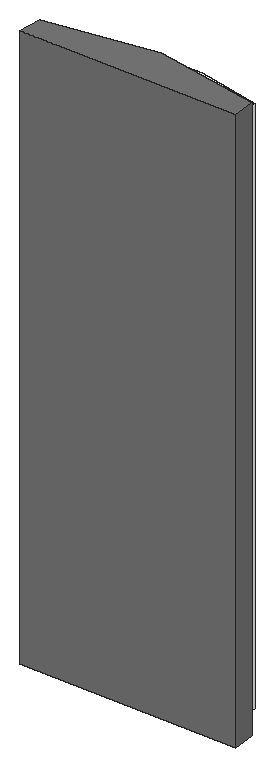
Revit family "JC KONTAKTER JCK203 Armbågskontakt", category Specialty Equipment, host Wall, Revit 2025
Family settings
  Host = Wall
  Round Connector Dimension = Use Diameter
  Part Type = Normal
  Enable Cutting in Views = Yes
  Always vertical = Yes
  Cut with Voids When Loaded = No
  Maintain Annotation Orientation = No
  Shared = No
  Room Calculation Point = No
Parameters (values of type "Armbågskontakt JCK203")
  URL = "https://jckontakter.se/produkt/armbagskontakter-plast/armbagskontakt-jck203/"
  Tillverkningsland = "Sverige"
  Tillvalsförteckning = "https://jckontakter.se/wp-content/uploads/sites/2/Tillval_metall_2024.pdf"
  Tekniskt produktblad = "https://jckontakter.se/wp-content/uploads/2019/06/JCK203.pdf"
  Produktvikt = "0.230 kg"
  Placering av armbågskontakt = "https://jckontakter.se/start/nyheter-och-information/armbagskontakter-placering-riktlinjer/"
  Nominell märkström = "12 V - Resistive 6A Inductive L/R 5ms 6A, 24 V - Resistive 6A Inductive L/R 5ms 5A"
  Model = "JCK203"  # constant formula
  Mikrobrytare = "Standard NO IP67"
  Manufacturer = "JC Kontakter"  # constant formula
  Lägsta märkström = "1mA/4 V DC"
  Core Finish = ABS 750SW (Mörk grå)
  Keynote = ""
  Lid Finish = ABS 750SW (Vit)
  Description = "JCK203 är en tålig armbågskontakt med konvex tryckplatta och taktila rillor som standard. Rillorna underlättar för synsvaga att veta var de ska trycka för att aktivera armbågskontakten.\r\nModellen har vitt lock och en kontrasterande mörkgrå underdel.\r\nJCK203 levereras med 1st mikrobrytare i IP67, men går även att beställa med fler."  # constant formula
  Default Elevation = 0 mm
  CE Dokument = "https://jckontakter.se/wp-content/uploads/CE_Dokument.pdf"
  Assembly Code = ""
  Antal mikrobrytare = 1
Reference planes
  plane 1 "Wall": y = 0
  plane 2 "Center (Left/Right)": x = 125
  plane 3 "Back": y = 75
  plane 4 "A": z = 800
Lines and regions (mm)
  Masking region 1
    outline origin (0, 0, -100) x (1, 0, 0) y (0, 0, 1)
      loop
        line (175, 1145) -> (75, 1145) -> (75, 900) -> (175, 900) -> (175, 1145)
  symbolic lines
    curve 1: line (75, 125, 0) -> (175, 125, 0)
    curve 2: line (75, 75, 0) -> (75, 125, 0)
    curve 3: line (175, 75, 0) -> (75, 75, 0)
    curve 4: line (175, 125, 0) -> (175, 75, 0)
    curve 5: line (175, 0, 1045) -> (75, 0, 1045)
    curve 6: line (175, 0, 800) -> (175, 0, 1045)
    curve 7: line (75, 0, 800) -> (175, 0, 800)
    curve 8: line (75, 0, 1045) -> (75, 0, 800)
Text (mm)
  text "Placement Side" at (-1848.837, 1116.779, 0), in view "Ref. Level"
  text "Placement side" at (0, 1409.804, 2854.306), in view "Left"
  text "Placement side" at (0, 499.811, 2980.732), in view "Right"
Dimensions and locks
  locked: plane 3 "Back" to host wall
  locked: curve 3 to curve 1 at 50
  aligned and locked: plane 1 "Wall" to host wall
  aligned and locked: nested 1 to plane 3 "Back"
  aligned and locked: curve 3 to plane 3 "Back"
  aligned and locked: plane 4 "A" to curve 7
  aligned and locked: curve 6 to Masking region 1
  aligned and locked: Masking region 1 to curve 8
Nested families
  nested 1: "AK_203" at (125, 75, 800) x (-1, 0, 0) z (0, 0, 1), type "AK_203", detail levels medium+fine
Definition of nested family "AK_203"
  Parameters (values of type "AK_203")
    URL = "https://jckontakter.se/produkt/armbagskontakter-plast/armbagskontakt-jck203/"
    Model = "JCK203"  # constant formula
    Manufacturer = "JC Kontakter"  # constant formula
    Lid Finish = none
    Core Finish = none
    Description = "JCK203 är en tålig armbågskontakt med konvex tryckplatta och taktila rillor som standard. Rillorna underlättar för synsvaga att veta var de ska trycka för att aktivera armbågskontakten.\r\nModellen har vitt lock och en kontrasterande mörkgrå underdel.\r\nJCK203 levereras med 1st mikrobrytare i IP67, men går även att beställa med fler."  # constant formula
    Default Elevation = 0 mm
  Reference planes
    plane 1 "Center (Front/Back)": y = 0
    plane 2: z = 0
    plane 3 "Center (Left/Right)": x = 0
    plane 4 "1": x = 47.5
    plane 5 "A": z = 5
    plane 6 "B": z = 245
  Forms (mm)
    Extrusion 1, solid, material <- "Core Finish"
      sketch origin (0, 0, 0) x (1, 0, 0) y (0, 1, 0)
        loop
          line (-47.5, 0) -> (-46.5, -10) -> (0, -18) -> (46.5, -10) -> (47.5, 0) -> (-47.5, 0)
      from 0 to 250
    Extrusion 2, void
      sketch origin (0, 0, 0) x (1, 0, 0) y (0, 1, 0)
        loop
          line (-42.5, -4) -> (-42.5, -18.223) -> (42.5, -18.223) -> (42.5, -4) -> (-42.5, -4)
      from 5 to 245
    Extrusion 3, solid, material <- "Lid Finish"
      sketch origin (0, 0, 5) x (-1, 0, 0) y (0, -1, 0)
        loop
          line (-42, 6) -> (42, 6) -> (41.5, 18.145)
          arc (41.5, 18.145) -> (0, 24) -> (-41.5, 18.145) r 150
          line (-41.5, 18.145) -> (-42, 6)
      from 0.5 to 239.5
    Extrusion 4, solid, material <- "Lid Finish"
      sketch origin (0, 0, 5) x (-1, 0, 0) y (0, -1, 0)
        loop
          line (30.48, 20.761) -> (30.656, 21.746) -> (28.687, 22.097) -> (28.511, 21.112) -> (30.48, 20.761)
        loop
          line (24.5, 21.866) -> (24.634, 22.857) -> (22.652, 23.126) -> (22.518, 22.135) -> (24.5, 21.866)
        loop
          line (18.504, 22.704) -> (18.644, 23.694) -> (16.664, 23.975) -> (16.524, 22.985) -> (18.504, 22.704)
        loop
          line (12.5, 23.393) -> (12.5, 24.393) -> (10.5, 24.393) -> (10.5, 23.393) -> (12.5, 23.393)
      from 30 to 210
  Cuts and joins
    Extrusion 2 cuts Extrusion 1
  Dimensions and locks
    aligned and locked: level to plane 2
